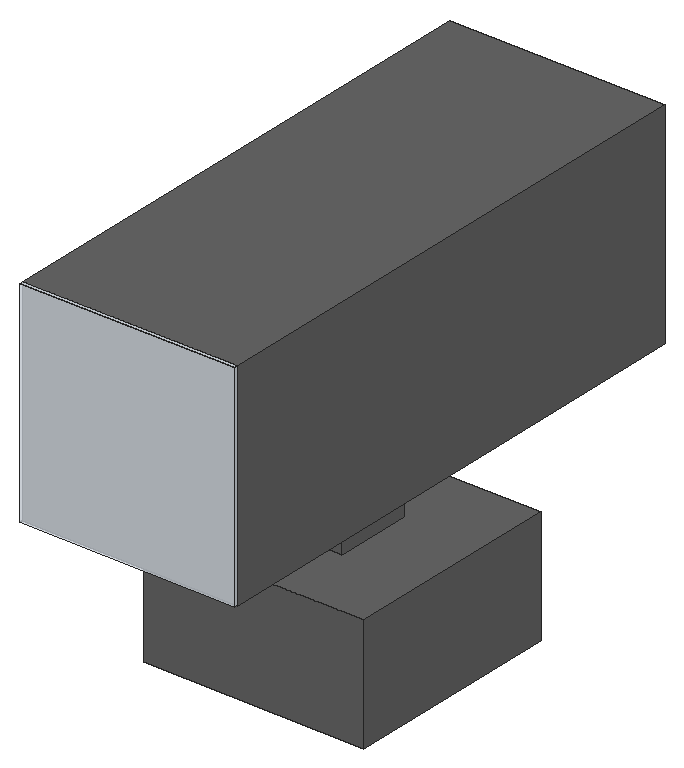
Revit family "LTC-4SQD-W", category Lighting Fixtures, host Face, Revit 2017
Family settings
  Host = Face
  Round Connector Dimension = Use Diameter
  Part Type = Normal
  OmniClass Number = 23.80.70.11.14.11
  OmniClass Title = Downlights
  Cut with Voids When Loaded = No
  Light Source = Yes
  Shared = No
  Room Calculation Point = No
Parameters (values of type "LTC-4SQD-WCC")
  Wattage Comments = "8-52W"  # constant formula
  Wattage = 70 W
  Warranty = "• 5 year warranty\r\n• See HLI Standard Warranty for\r\nadditional information"  # constant formula
  built-in parameter 1150110 = 1 (stored number, unit not read)
  Voltage = 120 V
  built-in parameter 1114217 = 1 (stored number, unit not read)
  Tilt Angle = -90.00°  # constant formula
  built-in parameter 1150109 = 1 (stored number, unit not read)
  built-in parameter 1150134 = 3
  built-in parameter 1150113 = 1 (stored number, unit not read)
  Photometric Web File = "LTC-4SQDPH-P-20L35K8MD-PM-S-BL.ies"
  Features = "•\t4 inch architectural LED downlight cylinder delivering 600 - 1500 lm \r\n•\tFour beam distributions from 0.6 to 1.2 Spacing Criteria\r\n•\tQuiet reflector appearance with 50º optical cutoff \r\n•\tSpectraSync™ Color Tuning technology allows flexibility to tailor CCT to aesthetic preferences \r\n•\tAvailable in Dim To Warm (2200K-3000K) or Tunable White (2700K-5000K or 2700K-6500K), 90 CRI • Available in Surface, Wall, Pendant or Cable/Cord Mount configurations \r\n•\tVersatile canopy options for recessed and surface-mounted J-box applications \r\n•\tStandard with 0-10V dimming to 5%\r\n"  # constant formula
  built-in parameter 1150105 = -12994800 (stored number, unit not read)
  Lumens = 4900 lm
  built-in parameter 1150115 = 1 (stored number, unit not read)
  built-in parameter 1150137 = (empty or 0)
  built-in parameter 1150139 = (empty or 0)
  built-in parameter 1150112 = 1 (stored number, unit not read)
  built-in parameter 1150114 = 1 (stored number, unit not read)
  built-in parameter 1150132 = (empty or 0)
  built-in parameter 1150102 = (empty or 0)
  built-in parameter 1150107 = 3200 (stored number, unit not read)
  built-in parameter 1150138 = (empty or 0)
  built-in parameter 1150106 = -129948 (stored number, unit not read)
  Emit from Rectangle Width = 5.500"  # constant formula
  Emit from Rectangle Length = 5.500"  # constant formula
  Emit Shape Visible in Rendering = no
  built-in parameter 1150104 = 6.5032 (stored number, unit not read)
  Distance = 10.680"
  Dimming Lamp Color Temperature Shift = <None>
  Copyright = "© 2021 Prescolite, a division of Hubbell Lighting, Inc"  # constant formula
  Contact us = "https://www.hubbell.com/prescolite/en/contactUs"
  Color Filter = 16777215
  Certifications = "• cCSAus certified to UL 1598\r\n• Wall Mount: Suitable for wet locations\r\n• Surface & Pendant Mount: Suitable for wet\r\nlocations under covered ceiling\r\n• Cord Mount and all Wall Wash: Suitable for\r\ndamp locations"  # constant formula
  Canopy Distance = 5.740"
  Canopy Depth = 3.000"
  built-in parameter 1114218 = 1 (stored number, unit not read)
  Ballast = Paint - Hubbell - Carbon Black
  URL = "https://www.hubbell.com/prescolite/en"
  Product Page URL = "https://www.hubbell.com/prescolite/en/Products/Lighting-Controls/Commercial-Indoor-Lighting/Cylinder/LITEISTRY-4-Square-Cylinder-Downlight/p/3775895"
  Product Documentation Link = "https://hubbellcdn.com/specsheet/LTC-4SQD%20SpectraSync.pdf"
  Model = "LTC-4SQD"  # constant formula
  Manufacturer = "Prescolite"  # constant formula
  Lamp = "LED Lamp"
  Reflector = Glass - Hubbell - Glass
  Description = "LITEISTRY™ 4inch Square Cylinder with color tunning "  # constant formula
  Default Elevation = 48.000"
  Backbox = Hubbell - Matt Black
  built-in parameter 1150133 = 10 (stored number, unit not read)
  Apparent Load = 72 VA  # constant formula
Types (3): name | Distance | Canopy Distance | Canopy Depth
  (no name) | 10.680" | 5.740" | 3.000"
  LTC-4SQD-W | 8.480" | 4.500" | 0.500"
  LTC-4SQD-WCC | 10.680" | 5.740" | 3.000"
Reference planes (in)
  plane 1 "Center (Front/Back)": y = 0
  plane 2: z = 0
  plane 3 "Center (Left/Right)": x = 0
  plane 4: z = 5.08
  plane 5: z = 3
  plane 6: y = 2.87
  plane 7: y = -2.87
  plane 8: y = 7
  plane 9: y = -7
  plane 10: x = -2.87
  plane 11: x = 2.87
  plane 12: x = -2.8
  plane 13: x = 2.8
  plane 14: z = 10.68
  plane 15: z = 7.88
Forms (in)
  Extrusion 1, solid, material "Hubbell - Matt Black" <- "Backbox"
    sketch origin (0, 0.00841, 1.00792) x (0, 1, 0) y (0, 0, 1)
      loop
        line (2.86159, -1.00792) -> (2.86159, 1.99208) -> (-2.87841, 1.99208) -> (-2.87841, -1.00792) -> (2.86159, -1.00792)
    from -2.87 to 2.87
  Extrusion 2, solid, material "Paint - Hubbell - Carbon Black" <- "Ballast"
    sketch origin (0, 0.00841, 0) x (0, 1, 0) y (0, 0, 1)
      loop
        line (0.97237, 0.3077) -> (0.97237, 5.08) -> (-1.03763, 5.08) -> (-1.03763, 0.3077) -> (0.97237, 0.3077)
    from -0.88539 to 0.81657
  Extrusion 3, solid, material "Paint - Hubbell - Carbon Black" <- "Ballast"
    sketch origin (0, 1, 2.18) x (0, 1, 0) y (0, 0, 1)
      loop
        line (6, 8.5) -> (-7.89784, 8.5) -> (-7.89784, 2.9) -> (6, 2.9) -> (6, 8.5)
    from -2.8 to 2.8
  Extrusion 4, solid, material "Glass - Hubbell - Glass" <- "Reflector"
    sketch origin (0, -0.89784, 3.28125) x (1, 0, 0) y (0, 0, 1)
      loop
        line (-2.8, 1.79875) -> (2.8, 1.79875) -> (2.8, 7.39875) -> (-2.8, 7.39875) -> (-2.8, 1.79875)
    from 6 to 6.1
Dimensions and locks (in)
  locked: Extrusion 2 sketch curve to Extrusion 2 sketch curve at 2.01
  plane 8 to plane 9 = 14.000"
  equal spacing: plane 6, plane 1 "Center (Front/Back)", plane 7
  "Canopy Distance": plane 6 to plane 7
  "Canopy Depth": plane 5 to level
  equal spacing: plane 11, plane 3 "Center (Left/Right)", plane 10
  "Canopy Distance": plane 11 to plane 10
  "Distance": plane 14 to plane 2
  locked: plane 14 to plane 4 at 5.6
  plane 14 to plane 15 to plane 5 = 2.800", 4.880"
  aligned and locked: plane 2 to host face
  aligned and locked: plane 3 "Center (Left/Right)" to imposter light
  aligned and locked: plane 4 to Extrusion 3 sketch curve
  aligned and locked: Extrusion 1 to plane 6
  aligned and locked: plane 7 to Extrusion 1
  aligned and locked: plane 5 to Extrusion 1
  aligned and locked: Extrusion 1 to plane 10
  aligned and locked: plane 11 to Extrusion 1
  aligned and locked: Extrusion 3 to Extrusion 4
  aligned and locked: plane 14 to Extrusion 3
  aligned and locked: plane 14 to Extrusion 4
  aligned and locked: Extrusion 4 sketch curve to Extrusion 3
  aligned and locked: plane 14 to Extrusion 4 sketch curve
  aligned and locked: Extrusion 2 to Extrusion 3
  aligned and locked: imposter light to plane 15
  aligned and locked: plane 9 to imposter light
Automatic sketch dimensions
  host sketch curve to host sketch curve = 96.000"  (x2)
  Extrusion 1 sketch curve to level = 0.000"
  plane 1 "Center (Front/Back)" to Extrusion 1 sketch curve = 2.870"
  level to Extrusion 1 sketch curve = 3.000"
  Extrusion 1 sketch curve to plane 1 "Center (Front/Back)" = 2.870"
  level to Extrusion 2 sketch curve = 0.3077"
  plane 1 "Center (Front/Back)" to Extrusion 2 sketch curve = 1.02922"
  plane 5 to Extrusion 2 sketch curve = 2.080"
  plane 7 to Extrusion 3 sketch curve = 4.02784"
  plane 8 to Extrusion 3 sketch curve = 0.000"
  plane 5 to Extrusion 3 sketch curve = 7.680"
  Extrusion 4 sketch curve to plane 12 = 0.000"
  Extrusion 4 sketch curve to plane 13 = 0.000"
Connectors (in)
  electrical at (0, 0, 0), driven by "Description", driven by "Voltage", driven by "Apparent Load"
    settings: index 1, voltage 120 V, apparent load 72 VA, apparent load phase1 0 VA, apparent load phase2 0 VA, apparent load phase3 0 VA, power factor 1, load classification "Other", number of poles 1, system type 30, power factor state 1, is connector primary yes, connector utility no, sub classification motor no, connector description "LITEISTRY™ 4inch Square Cylinder with color tunning "
